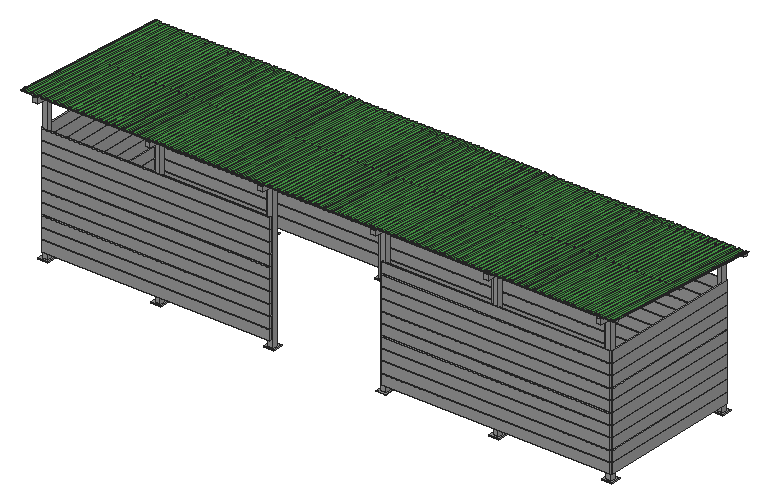
Revit family "Контейнерная площадка «Экология» Арт 19441", category Антураж, Revit 2018
Family settings
  На основе рабочей плоскости = Нет
  Всегда вертикально = Да
  При загрузке вырезать с полостями = Нет
  Источник визуального образа = Геометрия семейства
  Общий = Нет
  Точка расчета площади = Нет
Parameters (values of type "Версия 8,8 м")
  Ширина = 2500 mm
  Цвет отделки = Дерево
  Цвет крыши = Крыша
  Цвет каркаса = Сталь
  Описание = if([Версия 5,6 м], "Контейнерная площадка «Экология». Версия 5,6 м на 3 контейнера", if([Версия 7,3 м], "Контейнерная площадка «Экология». Версия 7,3 м на 4 контейнера", "Контейнерная площадка «Экология». Версия 8,8 м на 5 контейнеров"))  # "Контейнерная площадка «Экология». Версия 8,8 м на 5 контейнеров"
  Материал изделия = "Сталь, дерево, профлист"  # constant formula
  Изображение типоразмера = Контейнерная площадка «Экология» Арт 19441.jpg
  Изготовитель = "ООО «Хоббика»"  # constant formula
  Длина = if([Версия 5,6 м], 5600 mm, if([Версия 7,3 м], 7300 mm, 8800 mm))  # 8800 mm
  Группа модели = "Контейнерные площадки для ТБО"  # constant formula
  Высота = 2268 mm
  Версия 8,8 м = not(or([Версия 5,6 м], [Версия 7,3 м]))  # yes
  Версия 7,3 м = no
  Версия 5,6 м = no
  Артикул товара = "Арт. 19441"  # constant formula
  URL = "https://hobbyka.ru/product/konteynernaya_ploshchadka_ekologiya/"
Reference planes
  plane 1 "По центру (Вперед/Назад)": y = 0
  plane 2: z = 0
  plane 3 "По центру (Влево/Вправо)": x = 0
  plane 4: y = 2500
  plane 5: x = 8800
  plane 6: z = 2268
Dimensions and locks
  "Длина": plane 3 "По центру (Влево/Вправо)" to plane 5
  "Ширина": plane 4 to plane 1 "По центру (Вперед/Назад)"
  "Высота": plane 6 to plane 2
  aligned and locked: level to plane 2
  aligned and locked: plane 1 "По центру (Вперед/Назад)" to nested 1
  aligned and locked: plane 3 "По центру (Влево/Вправо)" to nested 1
  aligned and locked: plane 1 "По центру (Вперед/Назад)" to nested 2
  aligned and locked: plane 3 "По центру (Влево/Вправо)" to nested 2
  aligned and locked: plane 1 "По центру (Вперед/Назад)" to nested 3
  aligned and locked: plane 3 "По центру (Влево/Вправо)" to nested 3
Nested families
  nested 1: "Контейнерная площадка «Экология» Арт 19441 5,6 м" at (0, 0, 0), visible <- "Версия 5,6 м", type "Контейнерная площадка «Экология» Арт 19441 5,6 м"
  nested 2: "Контейнерная площадка «Экология» Арт 19441 7,3 м" at (0, 0, 0), visible <- "Версия 7,3 м", type "Контейнерная площадка «Экология» Арт 19441 7,3 м"
  nested 3: "Контейнерная площадка «Экология» Арт 19441 8,8 м" at (0, 0, 0), visible <- "Версия 8,8 м", type "Контейнерная площадка «Экология» Арт 19441 8,8 м"
Definition of nested family "Контейнерная площадка «Экология» Арт 19441 5,6 м"
  Parameters (values of type "Контейнерная площадка «Экология» Арт 19441 5,6 м")
    Ширина = 2500 mm
    Цвет отделки = none
    Цвет крыши = none
    Цвет каркаса = none
    Длина = 5600 mm
    Height = 2268 mm
  Reference planes
    plane 1 "По центру (Вперед/Назад)": y = 0
    plane 2: z = 0
    plane 3 "По центру (Влево/Вправо)": x = 0
    plane 4: x = 5600
    plane 5: y = 2500
    plane 6: z = 2268
  Forms (mm)
    Extrusion 1, solid, material <- "Цвет каркаса"
      sketch origin (0, 0, 0) x (0, 1, 0) y (0, 0, 1)
        loop
          line (2314.951, 0) -> (2314.951, 2000.952) -> (2500, 1988.012) -> (2500, 2058.183) -> (0, 2233) -> (0, 2162.829) -> (185, 2149.893) -> (185, 0) -> (255, 0) -> (255, 2144.998) -> (2244.951, 2005.847) -> (2244.951, 0) -> (2314.951, 0)
      from 185 to 255
    Extrusion 2, solid, material <- "Цвет каркаса"
      sketch origin (0, 0, 0) x (0, 1, 0) y (0, 0, 1)
        loop
          line (0, 2233) -> (0, 2162.829) -> (185, 2149.893) -> (185, 0) -> (255, 0) -> (255, 2144.998) -> (2244.951, 2005.847) -> (2244.951, 0) -> (2314.951, 0) -> (2314.951, 2000.952) -> (2500, 1988.012) -> (2500, 2058.183) -> (0, 2233)
      from 1892.888 to 1962.888
    Extrusion 3, solid, material <- "Цвет каркаса"
      sketch origin (5600, 0, 0) x (0, 1, 0) y (0, 0, -1)
        loop
          line (2244.951, -2005.847) -> (255, -2144.998) -> (255, 0) -> (185, 0) -> (185, -2149.893) -> (0, -2162.829) -> (0, -2233) -> (2500, -2058.183) -> (2500, -1988.012) -> (2314.951, -2000.952) -> (2314.951, 0) -> (2244.951, 0) -> (2244.951, -2005.847)
      from 185 to 255
    Extrusion 4, solid, material <- "Цвет каркаса"
      sketch origin (5600, 0, 0) x (0, 1, 0) y (0, 0, -1)
        loop
          line (2244.951, -2005.847) -> (255, -2144.998) -> (255, 0) -> (185, 0) -> (185, -2149.893) -> (0, -2162.829) -> (0, -2233) -> (2500, -2058.183) -> (2500, -1988.012) -> (2314.951, -2000.952) -> (2314.951, 0) -> (2244.951, 0) -> (2244.951, -2005.847)
      from 1892.888 to 1962.888
    Extrusion 5, solid, material <- "Цвет крыши"
      sketch origin (0, -158.208, 5.525) x (1, 0, 0) y (0, 0.069756, 0.997564)
        loop
          line (30, 2268) -> (25, 2260) -> (0, 2260) -> (0, 2258) -> (26.108, 2258) -> (31.108, 2266) -> (81.392, 2266) -> (86.392, 2258) -> (141.108, 2258) -> (146.108, 2266) -> (196.392, 2266) -> (201.392, 2258) -> (256.108, 2258) -> (261.108, 2266) -> (311.392, 2266) -> (316.392, 2258) -> (371.108, 2258) -> (376.108, 2266) -> (426.392, 2266) -> (431.392, 2258) -> (486.108, 2258) -> (491.108, 2266) -> (541.392, 2266) -> (546.392, 2258) -> (601.108, 2258) -> (606.108, 2266) -> (656.392, 2266) -> (661.392, 2258) -> (716.108, 2258) -> (721.108, 2266) -> (771.392, 2266) -> (776.392, 2258) -> (831.108, 2258) -> (836.108, 2266) -> (886.392, 2266) -> (891.392, 2258) -> (946.108, 2258) -> (951.108, 2266) -> (1001.392, 2266) -> (1006.392, 2258) -> (1061.108, 2258) -> (1066.108, 2266) -> (1116.392, 2266) -> (1121.392, 2258) -> (1176.108, 2258) -> (1181.108, 2266) -> (1231.392, 2266) -> (1236.392, 2258) -> (1291.108, 2258) -> (1296.108, 2266) -> (1346.392, 2266) -> (1351.392, 2258) -> (1406.108, 2258) -> (1411.108, 2266) -> (1461.392, 2266) -> (1466.392, 2258) -> (1521.108, 2258) -> (1526.108, 2266) -> (1576.392, 2266) -> (1581.392, 2258) -> (1636.108, 2258) -> (1641.108, 2266) -> (1691.392, 2266) -> (1696.392, 2258) -> (1751.108, 2258) -> (1756.108, 2266) -> (1806.392, 2266) -> (1811.392, 2258) -> (1866.108, 2258) -> (1871.108, 2266) -> (1921.392, 2266) -> (1926.392, 2258) -> (1981.108, 2258) -> (1986.108, 2266) -> (2036.392, 2266) -> (2041.392, 2258) -> (2096.108, 2258) -> (2101.108, 2266) -> (2151.392, 2266) -> (2156.392, 2258) -> (2211.108, 2258) -> (2216.108, 2266) -> (2266.392, 2266) -> (2271.392, 2258) -> (2326.108, 2258) -> (2331.108, 2266) -> (2381.392, 2266) -> (2386.392, 2258) -> (2441.108, 2258) -> (2446.108, 2266) -> (2496.392, 2266) -> (2501.392, 2258) -> (2556.108, 2258) -> (2561.108, 2266) -> (2611.392, 2266) -> (2616.392, 2258) -> (2671.108, 2258) -> (2676.108, 2266) -> (2726.392, 2266) -> (2731.392, 2258) -> (2786.108, 2258) -> (2791.108, 2266) -> (2841.392, 2266) -> (2846.392, 2258) -> (2901.108, 2258) -> (2906.108, 2266) -> (2956.392, 2266) -> (2961.392, 2258) -> (3016.108, 2258) -> (3021.108, 2266) -> (3071.392, 2266) -> (3076.392, 2258) -> (3131.108, 2258) -> (3136.108, 2266) -> (3186.392, 2266) -> (3191.392, 2258) -> (3246.108, 2258) -> (3251.108, 2266) -> (3301.392, 2266) -> (3306.392, 2258) -> (3361.108, 2258) -> (3366.108, 2266) -> (3416.392, 2266) -> (3421.392, 2258) -> (3476.108, 2258) -> (3481.108, 2266) -> (3531.392, 2266) -> (3536.392, 2258) -> (3591.108, 2258) -> (3596.108, 2266) -> (3646.392, 2266) -> (3651.392, 2258) -> (3706.108, 2258) -> (3711.108, 2266) -> (3761.392, 2266) -> (3766.392, 2258) -> (3821.108, 2258) -> (3826.108, 2266) -> (3876.392, 2266) -> (3881.392, 2258) -> (3936.108, 2258) -> (3941.108, 2266) -> (3991.392, 2266) -> (3996.392, 2258) -> (4051.108, 2258) -> (4056.108, 2266) -> (4106.392, 2266) -> (4111.392, 2258) -> (4166.108, 2258) -> (4171.108, 2266) -> (4221.392, 2266) -> (4226.392, 2258) -> (4281.108, 2258) -> (4286.108, 2266) -> (4336.392, 2266) -> (4341.392, 2258) -> (4396.108, 2258) -> (4401.108, 2266) -> (4451.392, 2266) -> (4456.392, 2258) -> (4511.108, 2258) -> (4516.108, 2266) -> (4566.392, 2266) -> (4571.392, 2258) -> (4626.108, 2258) -> (4631.108, 2266) -> (4681.392, 2266) -> (4686.392, 2258) -> (4741.108, 2258) -> (4746.108, 2266) -> (4796.392, 2266) -> (4801.392, 2258) -> (4856.108, 2258) -> (4861.108, 2266) -> (4911.392, 2266) -> (4916.392, 2258) -> (4971.108, 2258) -> (4976.108, 2266) -> (5026.392, 2266) -> (5031.392, 2258) -> (5086.108, 2258) -> (5091.108, 2266) -> (5141.392, 2266) -> (5146.392, 2258) -> (5201.108, 2258) -> (5206.108, 2266) -> (5256.392, 2266) -> (5261.392, 2258) -> (5316.108, 2258) -> (5321.108, 2266) -> (5371.392, 2266) -> (5376.392, 2258) -> (5431.108, 2258) -> (5436.108, 2266) -> (5486.392, 2266) -> (5491.392, 2258) -> (5546.108, 2258) -> (5551.108, 2266) -> (5600, 2266) -> (5600, 2268) -> (5550, 2268) -> (5545, 2260) -> (5492.5, 2260) -> (5487.5, 2268) -> (5435, 2268) -> (5430, 2260) -> (5377.5, 2260) -> (5372.5, 2268) -> (5320, 2268) -> (5315, 2260) -> (5262.5, 2260) -> (5257.5, 2268) -> (5205, 2268) -> (5200, 2260) -> (5147.5, 2260) -> (5142.5, 2268) -> (5090, 2268) -> (5085, 2260) -> (5032.5, 2260) -> (5027.5, 2268) -> (4975, 2268) -> (4970, 2260) -> (4917.5, 2260) -> (4912.5, 2268) -> (4860, 2268) -> (4855, 2260) -> (4802.5, 2260) -> (4797.5, 2268) -> (4745, 2268) -> (4740, 2260) -> (4687.5, 2260) -> (4682.5, 2268) -> (4630, 2268) -> (4625, 2260) -> (4572.5, 2260) -> (4567.5, 2268) -> (4515, 2268) -> (4510, 2260) -> (4457.5, 2260) -> (4452.5, 2268) -> (4400, 2268) -> (4395, 2260) -> (4342.5, 2260) -> (4337.5, 2268) -> (4285, 2268) -> (4280, 2260) -> (4227.5, 2260) -> (4222.5, 2268) -> (4170, 2268) -> (4165, 2260) -> (4112.5, 2260) -> (4107.5, 2268) -> (4055, 2268) -> (4050, 2260) -> (3997.5, 2260) -> (3992.5, 2268) -> (3940, 2268) -> (3935, 2260) -> (3882.5, 2260) -> (3877.5, 2268) -> (3825, 2268) -> (3820, 2260) -> (3767.5, 2260) -> (3762.5, 2268) -> (3710, 2268) -> (3705, 2260) -> (3652.5, 2260) -> (3647.5, 2268) -> (3595, 2268) -> (3590, 2260) -> (3537.5, 2260) -> (3532.5, 2268) -> (3480, 2268) -> (3475, 2260) -> (3422.5, 2260) -> (3417.5, 2268) -> (3365, 2268) -> (3360, 2260) -> (3307.5, 2260) -> (3302.5, 2268) -> (3250, 2268) -> (3245, 2260) -> (3192.5, 2260) -> (3187.5, 2268) -> (3135, 2268) -> (3130, 2260) -> (3077.5, 2260) -> (3072.5, 2268) -> (3020, 2268) -> (3015, 2260) -> (2962.5, 2260) -> (2957.5, 2268) -> (2905, 2268) -> (2900, 2260) -> (2847.5, 2260) -> (2842.5, 2268) -> (2790, 2268) -> (2785, 2260) -> (2732.5, 2260) -> (2727.5, 2268) -> (2675, 2268) -> (2670, 2260) -> (2617.5, 2260) -> (2612.5, 2268) -> (2560, 2268) -> (2555, 2260) -> (2502.5, 2260) -> (2497.5, 2268) -> (2445, 2268) -> (2440, 2260) -> (2387.5, 2260) -> (2382.5, 2268) -> (2330, 2268) -> (2325, 2260) -> (2272.5, 2260) -> (2267.5, 2268) -> (2215, 2268) -> (2210, 2260) -> (2157.5, 2260) -> (2152.5, 2268) -> (2100, 2268) -> (2095, 2260) -> (2042.5, 2260) -> (2037.5, 2268) -> (1985, 2268) -> (1980, 2260) -> (1927.5, 2260) -> (1922.5, 2268) -> (1870, 2268) -> (1865, 2260) -> (1812.5, 2260) -> (1807.5, 2268) -> (1755, 2268) -> (1750, 2260) -> (1697.5, 2260) -> (1692.5, 2268) -> (1640, 2268) -> (1635, 2260) -> (1582.5, 2260) -> (1577.5, 2268) -> (1525, 2268) -> (1520, 2260) -> (1467.5, 2260) -> (1462.5, 2268) -> (1410, 2268) -> (1405, 2260) -> (1352.5, 2260) -> (1347.5, 2268) -> (1295, 2268) -> (1290, 2260) -> (1237.5, 2260) -> (1232.5, 2268) -> (1180, 2268) -> (1175, 2260) -> (1122.5, 2260) -> (1117.5, 2268) -> (1065, 2268) -> (1060, 2260) -> (1007.5, 2260) -> (1002.5, 2268) -> (950, 2268) -> (945, 2260) -> (892.5, 2260) -> (887.5, 2268) -> (835, 2268) -> (830, 2260) -> (777.5, 2260) -> (772.5, 2268) -> (720, 2268) -> (715, 2260) -> (662.5, 2260) -> (657.5, 2268) -> (605, 2268) -> (600, 2260) -> (547.5, 2260) -> (542.5, 2268) -> (490, 2268) -> (485, 2260) -> (432.5, 2260) -> (427.5, 2268) -> (375, 2268) -> (370, 2260) -> (317.5, 2260) -> (312.5, 2268) -> (260, 2268) -> (255, 2260) -> (202.5, 2260) -> (197.5, 2268) -> (145, 2268) -> (140, 2260) -> (87.5, 2260) -> (82.5, 2268) -> (30, 2268)
      from 0 to -2506.188
    Extrusion 6, solid, material <- "Цвет каркаса"
      sketch origin (0, 0, 0) x (0, 1, 0) y (0, 0, 1)
        loop
          line (2465.085, 2060.624) -> (2466.823, 2085.478) -> (2416.945, 2088.966) -> (2415.207, 2064.112) -> (2465.085, 2060.624)
        loop
          line (84.793, 2227.071) -> (86.531, 2251.925) -> (36.653, 2255.413) -> (34.915, 2230.559) -> (84.793, 2227.071)
        loop
          line (1274.939, 2143.848) -> (1276.677, 2168.702) -> (1226.799, 2172.189) -> (1225.061, 2147.335) -> (1274.939, 2143.848)
      from 0 to 5600
    Extrusion 7, solid, material <- "Цвет каркаса"
      sketch origin (0, 0, 0) x (1, 0, 0) y (0, 1, 0)
        loop
          line (145, 2354.951) -> (145, 2204.951) -> (295, 2204.951) -> (295, 2354.951) -> (145, 2354.951)
        loop
          line (1852.888, 2354.951) -> (1852.888, 2204.951) -> (2002.888, 2204.951) -> (2002.888, 2354.951) -> (1852.888, 2354.951)
        loop
          line (3597.112, 2354.951) -> (3597.112, 2204.951) -> (3747.112, 2204.951) -> (3747.112, 2354.951) -> (3597.112, 2354.951)
        loop
          line (5305, 2354.951) -> (5305, 2204.951) -> (5455, 2204.951) -> (5455, 2354.951) -> (5305, 2354.951)
        loop
          line (145, 295) -> (145, 145) -> (295, 145) -> (295, 295) -> (145, 295)
        loop
          line (1852.888, 295) -> (1852.888, 145) -> (2002.888, 145) -> (2002.888, 295) -> (1852.888, 295)
        loop
          line (3597.112, 295) -> (3597.112, 145) -> (3747.112, 145) -> (3747.112, 295) -> (3597.112, 295)
        loop
          line (5305, 295) -> (5305, 145) -> (5455, 145) -> (5455, 295) -> (5305, 295)
      from 0 to 10
    Extrusion 8, solid, material <- "Цвет отделки"
      sketch origin (0, 0, 0) x (0, 1, 0) y (0, 0, 1)
        loop
          line (2314.951, 1735) -> (185, 1735) -> (185, 1585) -> (2314.951, 1585) -> (2314.951, 1735)
        loop
          line (2314.951, 1570) -> (185, 1570) -> (185, 1420) -> (2314.951, 1420) -> (2314.951, 1570)
        loop
          line (2314.951, 1405) -> (185, 1405) -> (185, 1255) -> (2314.951, 1255) -> (2314.951, 1405)
        loop
          line (2314.951, 1240) -> (185, 1240) -> (185, 1090) -> (2314.951, 1090) -> (2314.951, 1240)
        loop
          line (2314.951, 1075) -> (185, 1075) -> (185, 925) -> (2314.951, 925) -> (2314.951, 1075)
        loop
          line (2314.951, 910) -> (185, 910) -> (185, 760) -> (2314.951, 760) -> (2314.951, 910)
        loop
          line (2314.951, 745) -> (185, 745) -> (185, 595) -> (2314.951, 595) -> (2314.951, 745)
        loop
          line (2314.951, 580) -> (185, 580) -> (185, 430) -> (2314.951, 430) -> (2314.951, 580)
        loop
          line (2314.951, 415) -> (185, 415) -> (185, 265) -> (2314.951, 265) -> (2314.951, 415)
        loop
          line (2314.951, 250) -> (185, 250) -> (185, 100) -> (2314.951, 100) -> (2314.951, 250)
      from 165 to 185
    Extrusion 9, solid, material <- "Цвет отделки"
      sketch origin (0, 0, 0) x (0, 1, 0) y (0, 0, 1)
        loop
          line (2314.951, 1735) -> (185, 1735) -> (185, 1585) -> (2314.951, 1585) -> (2314.951, 1735)
        loop
          line (2314.951, 1570) -> (185, 1570) -> (185, 1420) -> (2314.951, 1420) -> (2314.951, 1570)
        loop
          line (2314.951, 1405) -> (185, 1405) -> (185, 1255) -> (2314.951, 1255) -> (2314.951, 1405)
        loop
          line (2314.951, 1240) -> (185, 1240) -> (185, 1090) -> (2314.951, 1090) -> (2314.951, 1240)
        loop
          line (2314.951, 1075) -> (185, 1075) -> (185, 925) -> (2314.951, 925) -> (2314.951, 1075)
        loop
          line (2314.951, 910) -> (185, 910) -> (185, 760) -> (2314.951, 760) -> (2314.951, 910)
        loop
          line (2314.951, 745) -> (185, 745) -> (185, 595) -> (2314.951, 595) -> (2314.951, 745)
        loop
          line (2314.951, 580) -> (185, 580) -> (185, 430) -> (2314.951, 430) -> (2314.951, 580)
        loop
          line (2314.951, 415) -> (185, 415) -> (185, 265) -> (2314.951, 265) -> (2314.951, 415)
        loop
          line (2314.951, 250) -> (185, 250) -> (185, 100) -> (2314.951, 100) -> (2314.951, 250)
      from 5415 to 5435
    Extrusion 10, solid, material <- "Цвет отделки"
      sketch origin (0, 0, 0) x (1, 0, 0) y (0, 0, 1)
        loop
          line (3672.112, 1735) -> (3672.112, 1585) -> (5415, 1585) -> (5415, 1735) -> (3672.112, 1735)
        loop
          line (3672.112, 1570) -> (3672.112, 1420) -> (5415, 1420) -> (5415, 1570) -> (3672.112, 1570)
        loop
          line (3672.112, 1405) -> (3672.112, 1255) -> (5415, 1255) -> (5415, 1405) -> (3672.112, 1405)
        loop
          line (3672.112, 1240) -> (3672.112, 1090) -> (5415, 1090) -> (5415, 1240) -> (3672.112, 1240)
        loop
          line (3672.112, 1075) -> (3672.112, 925) -> (5415, 925) -> (5415, 1075) -> (3672.112, 1075)
        loop
          line (3672.112, 910) -> (3672.112, 760) -> (5415, 760) -> (5415, 910) -> (3672.112, 910)
        loop
          line (3672.112, 745) -> (3672.112, 595) -> (5415, 595) -> (5415, 745) -> (3672.112, 745)
        loop
          line (3672.112, 580) -> (3672.112, 430) -> (5415, 430) -> (5415, 580) -> (3672.112, 580)
        loop
          line (3672.112, 415) -> (3672.112, 265) -> (5415, 265) -> (5415, 415) -> (3672.112, 415)
        loop
          line (3672.112, 250) -> (3672.112, 100) -> (5415, 100) -> (5415, 250) -> (3672.112, 250)
        loop
          line (185, 1735) -> (185, 1585) -> (1927.888, 1585) -> (1927.888, 1735) -> (185, 1735)
        loop
          line (185, 1570) -> (185, 1420) -> (1927.888, 1420) -> (1927.888, 1570) -> (185, 1570)
        loop
          line (185, 1405) -> (185, 1255) -> (1927.888, 1255) -> (1927.888, 1405) -> (185, 1405)
        loop
          line (185, 1240) -> (185, 1090) -> (1927.888, 1090) -> (1927.888, 1240) -> (185, 1240)
        loop
          line (185, 1075) -> (185, 925) -> (1927.888, 925) -> (1927.888, 1075) -> (185, 1075)
        loop
          line (185, 910) -> (185, 760) -> (1927.888, 760) -> (1927.888, 910) -> (185, 910)
        loop
          line (185, 745) -> (185, 595) -> (1927.888, 595) -> (1927.888, 745) -> (185, 745)
        loop
          line (185, 580) -> (185, 430) -> (1927.888, 430) -> (1927.888, 580) -> (185, 580)
        loop
          line (185, 415) -> (185, 265) -> (1927.888, 265) -> (1927.888, 415) -> (185, 415)
        loop
          line (185, 250) -> (185, 100) -> (1927.888, 100) -> (1927.888, 250) -> (185, 250)
      from -185 to -165
    Extrusion 11, solid, material <- "Цвет отделки"
      sketch origin (0, 0, 0) x (1, 0, 0) y (0, 0, 1)
        loop
          line (185, 1735) -> (185, 1585) -> (5415, 1585) -> (5415, 1735) -> (185, 1735)
        loop
          line (185, 1570) -> (185, 1420) -> (5415, 1420) -> (5415, 1570) -> (185, 1570)
        loop
          line (185, 1405) -> (185, 1255) -> (5415, 1255) -> (5415, 1405) -> (185, 1405)
        loop
          line (185, 1240) -> (185, 1090) -> (5415, 1090) -> (5415, 1240) -> (185, 1240)
        loop
          line (185, 1075) -> (185, 925) -> (5415, 925) -> (5415, 1075) -> (185, 1075)
        loop
          line (185, 910) -> (185, 760) -> (5415, 760) -> (5415, 910) -> (185, 910)
        loop
          line (185, 745) -> (185, 595) -> (5415, 595) -> (5415, 745) -> (185, 745)
        loop
          line (185, 580) -> (185, 430) -> (5415, 430) -> (5415, 580) -> (185, 580)
        loop
          line (185, 415) -> (185, 265) -> (5415, 265) -> (5415, 415) -> (185, 415)
        loop
          line (185, 250) -> (185, 100) -> (5415, 100) -> (5415, 250) -> (185, 250)
      from -2314.951 to -2335
  Dimensions and locks
    "Ширина": plane 5 to plane 1 "По центру (Вперед/Назад)"
    "Height": plane 6 to plane 2
    aligned and locked: level to plane 2
  Automatic sketch dimensions
    Extrusion 1 sketch curve to plane 1 "По центру (Вперед/Назад)" = 0 mm
    Extrusion 1 sketch curve to level = 0 mm
    level to Extrusion 1 sketch curve = 0 mm
    Extrusion 1 sketch curve to plane 5 = 0 mm
    Extrusion 1 sketch curve to plane 1 "По центру (Вперед/Назад)" = 185 mm
    Extrusion 1 sketch curve to plane 6 = 123.002 mm
    Extrusion 1 sketch curve to Extrusion 1 sketch curve = 70 mm  (x2)
    Extrusion 1 sketch curve to plane 5 = 255.049 mm
    Extrusion 1 sketch curve to plane 6 = 279.988 mm
    Extrusion 1 sketch curve to Extrusion 1 sketch curve = 12.94 mm
    Extrusion 1 sketch curve to Extrusion 1 sketch curve = 4.895 mm  (x2)
    Extrusion 1 sketch curve to Extrusion 1 sketch curve = 70.171 mm
    Extrusion 1 sketch curve to plane 6 = 105.171 mm
    Extrusion 1 sketch curve to plane 6 = 35 mm
    Extrusion 2 sketch curve to plane 1 "По центру (Вперед/Назад)" = 0 mm
    Extrusion 2 sketch curve to level = 0 mm
    level to Extrusion 2 sketch curve = 0 mm
    Extrusion 2 sketch curve to plane 5 = 0 mm
    Extrusion 2 sketch curve to plane 1 "По центру (Вперед/Назад)" = 185 mm
    Extrusion 2 sketch curve to Extrusion 2 sketch curve = 70 mm  (x2)
    Extrusion 2 sketch curve to plane 5 = 255.049 mm
    Extrusion 2 sketch curve to plane 6 = 279.988 mm
    Extrusion 2 sketch curve to Extrusion 2 sketch curve = 12.94 mm
    Extrusion 2 sketch curve to Extrusion 2 sketch curve = 4.895 mm  (x2)
    Extrusion 2 sketch curve to Extrusion 2 sketch curve = 70.171 mm
    Extrusion 2 sketch curve to plane 6 = 123.002 mm
    Extrusion 2 sketch curve to plane 6 = 105.171 mm
    Extrusion 2 sketch curve to plane 6 = 35 mm
    Extrusion 3 sketch curve to plane 1 "По центру (Вперед/Назад)" = 0 mm
    Extrusion 3 sketch curve to level = 0 mm  (x2)
    Extrusion 3 sketch curve to plane 5 = 0 mm
    Extrusion 3 sketch curve to plane 1 "По центру (Вперед/Назад)" = 185 mm
    Extrusion 3 sketch curve to Extrusion 3 sketch curve = 70 mm  (x2)
    Extrusion 3 sketch curve to plane 5 = 255.049 mm
    Extrusion 3 sketch curve to plane 6 = 279.988 mm
    Extrusion 3 sketch curve to Extrusion 3 sketch curve = 12.94 mm
    Extrusion 3 sketch curve to Extrusion 3 sketch curve = 4.895 mm  (x2)
    Extrusion 3 sketch curve to Extrusion 3 sketch curve = 70.171 mm
    Extrusion 3 sketch curve to plane 6 = 123.002 mm
    Extrusion 3 sketch curve to plane 6 = 105.171 mm
    Extrusion 3 sketch curve to plane 6 = 35 mm
    Extrusion 4 sketch curve to plane 1 "По центру (Вперед/Назад)" = 0 mm
    Extrusion 4 sketch curve to level = 0 mm  (x2)
    Extrusion 4 sketch curve to plane 5 = 0 mm
    Extrusion 4 sketch curve to plane 1 "По центру (Вперед/Назад)" = 185 mm
    Extrusion 4 sketch curve to Extrusion 4 sketch curve = 70 mm  (x2)
    Extrusion 4 sketch curve to plane 5 = 255.049 mm
    Extrusion 4 sketch curve to plane 6 = 279.988 mm
    Extrusion 4 sketch curve to Extrusion 4 sketch curve = 12.94 mm
    Extrusion 4 sketch curve to Extrusion 4 sketch curve = 4.895 mm  (x2)
    Extrusion 4 sketch curve to Extrusion 4 sketch curve = 70.171 mm
    Extrusion 4 sketch curve to plane 6 = 123.002 mm
    Extrusion 4 sketch curve to plane 6 = 105.171 mm
    Extrusion 4 sketch curve to plane 6 = 35 mm
    Extrusion 5 sketch curve to plane 3 "По центру (Влево/Вправо)" = 0 mm
    Extrusion 5 sketch curve to plane 4 = 0 mm
    plane 3 "По центру (Влево/Вправо)" to Extrusion 5 sketch curve = 25 mm
    Extrusion 5 sketch curve to Extrusion 5 sketch curve = 1.108 mm  (x194)
    Extrusion 5 sketch curve to Extrusion 5 sketch curve = 5 mm  (x97)
    Extrusion 5 sketch curve to Extrusion 5 sketch curve = 50.283 mm  (x48)
    Extrusion 5 sketch curve to Extrusion 5 sketch curve = 52.5 mm  (x48)
    Extrusion 5 sketch curve to Extrusion 5 sketch curve = 0 mm  (x48)
    Extrusion 5 sketch curve to Extrusion 5 sketch curve = 2 mm  (x98)
    Extrusion 5 sketch curve to Extrusion 5 sketch curve = 6 mm  (x49)
    Extrusion 6 sketch curve to plane 1 "По центру (Вперед/Назад)" = 34.915 mm
    Extrusion 6 sketch curve to plane 6 = 12.587 mm
    Extrusion 6 sketch curve to Extrusion 6 sketch curve = 1.738 mm  (x3)
    Extrusion 6 sketch curve to Extrusion 6 sketch curve = 49.878 mm
    Extrusion 6 sketch curve to plane 6 = 120.665 mm
    Extrusion 6 sketch curve to Extrusion 6 sketch curve = 1140.268 mm
    Extrusion 6 sketch curve to plane 6 = 95.811 mm
    Extrusion 6 sketch curve to plane 6 = 124.152 mm
    Extrusion 6 sketch curve to plane 5 = 84.793 mm
    Extrusion 6 sketch curve to plane 5 = 34.915 mm
    Extrusion 6 sketch curve to plane 6 = 179.034 mm
    Extrusion 6 sketch curve to Extrusion 6 sketch curve = 3.488 mm
    Extrusion 6 sketch curve to plane 6 = 40.929 mm
    plane 3 "По центру (Влево/Вправо)" to Extrusion 7 sketch curve = 145 mm  (x2)
    Extrusion 7 sketch curve to Extrusion 7 sketch curve = 150 mm  (x9)
    Extrusion 7 sketch curve to plane 1 "По центру (Вперед/Назад)" = 145 mm  (x4)
    Extrusion 7 sketch curve to Extrusion 7 sketch curve = 1557.888 mm  (x2)
    Extrusion 7 sketch curve to plane 5 = 295.049 mm  (x4)
    Extrusion 7 sketch curve to plane 1 "По центру (Вперед/Назад)" = 295 mm
    Extrusion 7 sketch curve to Extrusion 7 sketch curve = 1594.223 mm  (x2)
    Extrusion 7 sketch curve to plane 4 = 295 mm  (x2)
    Extrusion 7 sketch curve to plane 4 = 145 mm  (x2)
    Extrusion 7 sketch curve to plane 5 = 145.049 mm  (x4)
    Extrusion 8 sketch curve to plane 1 "По центру (Вперед/Назад)" = 185 mm  (x2)
    Extrusion 8 sketch curve to Extrusion 8 sketch curve = 0 mm  (x17)
    Extrusion 8 sketch curve to plane 5 = 185.049 mm
    level to Extrusion 8 sketch curve = 100 mm
    Extrusion 8 sketch curve to Extrusion 8 sketch curve = 150 mm  (x10)
    Extrusion 8 sketch curve to Extrusion 8 sketch curve = 15 mm  (x9)
    Extrusion 9 sketch curve to plane 1 "По центру (Вперед/Назад)" = 185 mm  (x2)
    Extrusion 9 sketch curve to Extrusion 9 sketch curve = 0 mm  (x12)
    Extrusion 9 sketch curve to plane 5 = 185.049 mm  (x6)
    level to Extrusion 9 sketch curve = 100 mm
    Extrusion 9 sketch curve to Extrusion 9 sketch curve = 150 mm  (x10)
    Extrusion 9 sketch curve to Extrusion 9 sketch curve = 15 mm  (x9)
    plane 3 "По центру (Влево/Вправо)" to Extrusion 11 sketch curve = 185 mm  (x2)
    Extrusion 11 sketch curve to Extrusion 11 sketch curve = 0 mm  (x17)
    Extrusion 11 sketch curve to plane 4 = 185 mm
    level to Extrusion 11 sketch curve = 100 mm
    Extrusion 11 sketch curve to Extrusion 11 sketch curve = 150 mm  (x10)
    Extrusion 11 sketch curve to Extrusion 11 sketch curve = 15 mm  (x9)
    plane 3 "По центру (Влево/Вправо)" to Extrusion 10 sketch curve = 185 mm  (x2)
    Extrusion 10 sketch curve to Extrusion 10 sketch curve = 0 mm  (x35)
    Extrusion 10 sketch curve to Extrusion 10 sketch curve = 1742.888 mm
    Extrusion 10 sketch curve to plane 6 = 533 mm
    Extrusion 10 sketch curve to Extrusion 10 sketch curve = 1744.223 mm
    level to Extrusion 10 sketch curve = 100 mm  (x2)
    Extrusion 10 sketch curve to plane 4 = 185 mm
    Extrusion 10 sketch curve to Extrusion 10 sketch curve = 150 mm  (x19)
    Extrusion 10 sketch curve to Extrusion 10 sketch curve = 15 mm  (x18)
Definition of nested family "Контейнерная площадка «Экология» Арт 19441 7,3 м"
  Parameters (values of type "Контейнерная площадка «Экология» Арт 19441 7,3 м")
    Ширина = 2500 mm
    Цвет отделки = none
    Цвет крыши = none
    Цвет каркаса = none
    Длина = 7300 mm
    Height = 2268 mm
  Reference planes
    plane 1 "По центру (Вперед/Назад)": y = 0
    plane 2: z = 0
    plane 3 "По центру (Влево/Вправо)": x = 0
    plane 4: x = 7300
    plane 5: y = 2500
    plane 6: z = 2268
  Forms (mm)
    Extrusion 1, solid, material <- "Цвет каркаса"
      sketch origin (0, 0, 0) x (0, 1, 0) y (0, 0, 1)
        loop
          line (2314.951, 0) -> (2314.951, 2000.952) -> (2500, 1988.012) -> (2500, 2058.183) -> (0, 2233) -> (0, 2162.829) -> (185, 2149.893) -> (185, 0) -> (255, 0) -> (255, 2144.998) -> (2244.951, 2005.847) -> (2244.951, 0) -> (2314.951, 0)
      from 185 to 255
    Extrusion 2, solid, material <- "Цвет каркаса"
      sketch origin (0, 0, 0) x (0, 1, 0) y (0, 0, 1)
        loop
          line (0, 2233) -> (0, 2162.829) -> (185, 2149.893) -> (185, 0) -> (255, 0) -> (255, 2144.998) -> (2244.951, 2005.847) -> (2244.951, 0) -> (2314.951, 0) -> (2314.951, 2000.952) -> (2500, 1988.012) -> (2500, 2058.183) -> (0, 2233)
      from 2020 to 2090
    Extrusion 3, solid, material <- "Цвет каркаса"
      sketch origin (5600, 0, 0) x (0, 1, 0) y (0, 0, -1)
        loop
          line (2244.951, -2005.847) -> (255, -2144.998) -> (255, 0) -> (185, 0) -> (185, -2149.893) -> (0, -2162.829) -> (0, -2233) -> (2500, -2058.183) -> (2500, -1988.012) -> (2314.951, -2000.952) -> (2314.951, 0) -> (2244.951, 0) -> (2244.951, -2005.847)
      from 160 to 230
    Extrusion 4, solid, material <- "Цвет каркаса"
      sketch origin (5600, 0, 0) x (0, 1, 0) y (0, 0, -1)
        loop
          line (2244.951, -2005.847) -> (255, -2144.998) -> (255, 0) -> (185, 0) -> (185, -2149.893) -> (0, -2162.829) -> (0, -2233) -> (2500, -2058.183) -> (2500, -1988.012) -> (2314.951, -2000.952) -> (2314.951, 0) -> (2244.951, 0) -> (2244.951, -2005.847)
      from 1835 to 1905
    Extrusion 5, solid, material <- "Цвет крыши"
      sketch origin (0, -158.208, 5.525) x (1, 0, 0) y (0, 0.069756, 0.997564)
        loop
          line (30, 2268) -> (25, 2260) -> (0, 2260) -> (0, 2258) -> (26.108, 2258) -> (31.108, 2266) -> (81.392, 2266) -> (86.392, 2258) -> (141.108, 2258) -> (146.108, 2266) -> (196.392, 2266) -> (201.392, 2258) -> (256.108, 2258) -> (261.108, 2266) -> (311.392, 2266) -> (316.392, 2258) -> (371.108, 2258) -> (376.108, 2266) -> (426.392, 2266) -> (431.392, 2258) -> (486.108, 2258) -> (491.108, 2266) -> (541.392, 2266) -> (546.392, 2258) -> (601.108, 2258) -> (606.108, 2266) -> (656.392, 2266) -> (661.392, 2258) -> (716.108, 2258) -> (721.108, 2266) -> (771.392, 2266) -> (776.392, 2258) -> (831.108, 2258) -> (836.108, 2266) -> (886.392, 2266) -> (891.392, 2258) -> (946.108, 2258) -> (951.108, 2266) -> (1001.392, 2266) -> (1006.392, 2258) -> (1061.108, 2258) -> (1066.108, 2266) -> (1116.392, 2266) -> (1121.392, 2258) -> (1176.108, 2258) -> (1181.108, 2266) -> (1231.392, 2266) -> (1236.392, 2258) -> (1291.108, 2258) -> (1296.108, 2266) -> (1346.392, 2266) -> (1351.392, 2258) -> (1406.108, 2258) -> (1411.108, 2266) -> (1461.392, 2266) -> (1466.392, 2258) -> (1521.108, 2258) -> (1526.108, 2266) -> (1576.392, 2266) -> (1581.392, 2258) -> (1636.108, 2258) -> (1641.108, 2266) -> (1691.392, 2266) -> (1696.392, 2258) -> (1751.108, 2258) -> (1756.108, 2266) -> (1806.392, 2266) -> (1811.392, 2258) -> (1866.108, 2258) -> (1871.108, 2266) -> (1921.392, 2266) -> (1926.392, 2258) -> (1981.108, 2258) -> (1986.108, 2266) -> (2036.392, 2266) -> (2041.392, 2258) -> (2096.108, 2258) -> (2101.108, 2266) -> (2151.392, 2266) -> (2156.392, 2258) -> (2211.108, 2258) -> (2216.108, 2266) -> (2266.392, 2266) -> (2271.392, 2258) -> (2326.108, 2258) -> (2331.108, 2266) -> (2381.392, 2266) -> (2386.392, 2258) -> (2441.108, 2258) -> (2446.108, 2266) -> (2496.392, 2266) -> (2501.392, 2258) -> (2556.108, 2258) -> (2561.108, 2266) -> (2611.392, 2266) -> (2616.392, 2258) -> (2671.108, 2258) -> (2676.108, 2266) -> (2726.392, 2266) -> (2731.392, 2258) -> (2786.108, 2258) -> (2791.108, 2266) -> (2841.392, 2266) -> (2846.392, 2258) -> (2901.108, 2258) -> (2906.108, 2266) -> (2956.392, 2266) -> (2961.392, 2258) -> (3016.108, 2258) -> (3021.108, 2266) -> (3071.392, 2266) -> (3076.392, 2258) -> (3131.108, 2258) -> (3136.108, 2266) -> (3186.392, 2266) -> (3191.392, 2258) -> (3246.108, 2258) -> (3251.108, 2266) -> (3301.392, 2266) -> (3306.392, 2258) -> (3361.108, 2258) -> (3366.108, 2266) -> (3416.392, 2266) -> (3421.392, 2258) -> (3476.108, 2258) -> (3481.108, 2266) -> (3531.392, 2266) -> (3536.392, 2258) -> (3591.108, 2258) -> (3596.108, 2266) -> (3646.392, 2266) -> (3651.392, 2258) -> (3706.108, 2258) -> (3711.108, 2266) -> (3761.392, 2266) -> (3766.392, 2258) -> (3821.108, 2258) -> (3826.108, 2266) -> (3876.392, 2266) -> (3881.392, 2258) -> (3936.108, 2258) -> (3941.108, 2266) -> (3991.392, 2266) -> (3996.392, 2258) -> (4051.108, 2258) -> (4056.108, 2266) -> (4106.392, 2266) -> (4111.392, 2258) -> (4166.108, 2258) -> (4171.108, 2266) -> (4221.392, 2266) -> (4226.392, 2258) -> (4281.108, 2258) -> (4286.108, 2266) -> (4336.392, 2266) -> (4341.392, 2258) -> (4396.108, 2258) -> (4401.108, 2266) -> (4451.392, 2266) -> (4456.392, 2258) -> (4511.108, 2258) -> (4516.108, 2266) -> (4566.392, 2266) -> (4571.392, 2258) -> (4626.108, 2258) -> (4631.108, 2266) -> (4681.392, 2266) -> (4686.392, 2258) -> (4741.108, 2258) -> (4746.108, 2266) -> (4796.392, 2266) -> (4801.392, 2258) -> (4856.108, 2258) -> (4861.108, 2266) -> (4911.392, 2266) -> (4916.392, 2258) -> (4971.108, 2258) -> (4976.108, 2266) -> (5026.392, 2266) -> (5031.392, 2258) -> (5086.108, 2258) -> (5091.108, 2266) -> (5141.392, 2266) -> (5146.392, 2258) -> (5201.108, 2258) -> (5206.108, 2266) -> (5256.392, 2266) -> (5261.392, 2258) -> (5316.108, 2258) -> (5321.108, 2266) -> (5371.392, 2266) -> (5376.392, 2258) -> (5431.108, 2258) -> (5436.108, 2266) -> (5486.392, 2266) -> (5491.392, 2258) -> (5546.108, 2258) -> (5551.108, 2266) -> (5601.392, 2266) -> (5606.392, 2258) -> (5661.108, 2258) -> (5666.108, 2266) -> (5716.392, 2266) -> (5721.392, 2258) -> (5776.108, 2258) -> (5781.108, 2266) -> (5831.392, 2266) -> (5836.392, 2258) -> (5891.108, 2258) -> (5896.108, 2266) -> (5946.392, 2266) -> (5951.392, 2258) -> (6006.108, 2258) -> (6011.108, 2266) -> (6061.392, 2266) -> (6066.392, 2258) -> (6121.108, 2258) -> (6126.108, 2266) -> (6176.392, 2266) -> (6181.392, 2258) -> (6236.108, 2258) -> (6241.108, 2266) -> (6291.392, 2266) -> (6296.392, 2258) -> (6351.108, 2258) -> (6356.108, 2266) -> (6406.392, 2266) -> (6411.392, 2258) -> (6466.108, 2258) -> (6471.108, 2266) -> (6521.392, 2266) -> (6526.392, 2258) -> (6581.108, 2258) -> (6586.108, 2266) -> (6636.392, 2266) -> (6641.392, 2258) -> (6696.108, 2258) -> (6701.108, 2266) -> (6751.392, 2266) -> (6756.392, 2258) -> (6811.108, 2258) -> (6816.108, 2266) -> (6866.392, 2266) -> (6871.392, 2258) -> (6926.108, 2258) -> (6931.108, 2266) -> (6981.392, 2266) -> (6986.392, 2258) -> (7041.108, 2258) -> (7046.108, 2266) -> (7096.392, 2266) -> (7101.392, 2258) -> (7156.108, 2258) -> (7161.108, 2266) -> (7211.392, 2266) -> (7216.392, 2258) -> (7271.108, 2258) -> (7276.108, 2266) -> (7300, 2266) -> (7300, 2268) -> (7275, 2268) -> (7270, 2260) -> (7217.5, 2260) -> (7212.5, 2268) -> (7160, 2268) -> (7155, 2260) -> (7102.5, 2260) -> (7097.5, 2268) -> (7045, 2268) -> (7040, 2260) -> (6987.5, 2260) -> (6982.5, 2268) -> (6930, 2268) -> (6925, 2260) -> (6872.5, 2260) -> (6867.5, 2268) -> (6815, 2268) -> (6810, 2260) -> (6757.5, 2260) -> (6752.5, 2268) -> (6700, 2268) -> (6695, 2260) -> (6642.5, 2260) -> (6637.5, 2268) -> (6585, 2268) -> (6580, 2260) -> (6527.5, 2260) -> (6522.5, 2268) -> (6470, 2268) -> (6465, 2260) -> (6412.5, 2260) -> (6407.5, 2268) -> (6355, 2268) -> (6350, 2260) -> (6297.5, 2260) -> (6292.5, 2268) -> (6240, 2268) -> (6235, 2260) -> (6182.5, 2260) -> (6177.5, 2268) -> (6125, 2268) -> (6120, 2260) -> (6067.5, 2260) -> (6062.5, 2268) -> (6010, 2268) -> (6005, 2260) -> (5952.5, 2260) -> (5947.5, 2268) -> (5895, 2268) -> (5890, 2260) -> (5837.5, 2260) -> (5832.5, 2268) -> (5780, 2268) -> (5775, 2260) -> (5722.5, 2260) -> (5717.5, 2268) -> (5665, 2268) -> (5660, 2260) -> (5607.5, 2260) -> (5602.5, 2268) -> (5550, 2268) -> (5545, 2260) -> (5492.5, 2260) -> (5487.5, 2268) -> (5435, 2268) -> (5430, 2260) -> (5377.5, 2260) -> (5372.5, 2268) -> (5320, 2268) -> (5315, 2260) -> (5262.5, 2260) -> (5257.5, 2268) -> (5205, 2268) -> (5200, 2260) -> (5147.5, 2260) -> (5142.5, 2268) -> (5090, 2268) -> (5085, 2260) -> (5032.5, 2260) -> (5027.5, 2268) -> (4975, 2268) -> (4970, 2260) -> (4917.5, 2260) -> (4912.5, 2268) -> (4860, 2268) -> (4855, 2260) -> (4802.5, 2260) -> (4797.5, 2268) -> (4745, 2268) -> (4740, 2260) -> (4687.5, 2260) -> (4682.5, 2268) -> (4630, 2268) -> (4625, 2260) -> (4572.5, 2260) -> (4567.5, 2268) -> (4515, 2268) -> (4510, 2260) -> (4457.5, 2260) -> (4452.5, 2268) -> (4400, 2268) -> (4395, 2260) -> (4342.5, 2260) -> (4337.5, 2268) -> (4285, 2268) -> (4280, 2260) -> (4227.5, 2260) -> (4222.5, 2268) -> (4170, 2268) -> (4165, 2260) -> (4112.5, 2260) -> (4107.5, 2268) -> (4055, 2268) -> (4050, 2260) -> (3997.5, 2260) -> (3992.5, 2268) -> (3940, 2268) -> (3935, 2260) -> (3882.5, 2260) -> (3877.5, 2268) -> (3825, 2268) -> (3820, 2260) -> (3767.5, 2260) -> (3762.5, 2268) -> (3710, 2268) -> (3705, 2260) -> (3652.5, 2260) -> (3647.5, 2268) -> (3595, 2268) -> (3590, 2260) -> (3537.5, 2260) -> (3532.5, 2268) -> (3480, 2268) -> (3475, 2260) -> (3422.5, 2260) -> (3417.5, 2268) -> (3365, 2268) -> (3360, 2260) -> (3307.5, 2260) -> (3302.5, 2268) -> (3250, 2268) -> (3245, 2260) -> (3192.5, 2260) -> (3187.5, 2268) -> (3135, 2268) -> (3130, 2260) -> (3077.5, 2260) -> (3072.5, 2268) -> (3020, 2268) -> (3015, 2260) -> (2962.5, 2260) -> (2957.5, 2268) -> (2905, 2268) -> (2900, 2260) -> (2847.5, 2260) -> (2842.5, 2268) -> (2790, 2268) -> (2785, 2260) -> (2732.5, 2260) -> (2727.5, 2268) -> (2675, 2268) -> (2670, 2260) -> (2617.5, 2260) -> (2612.5, 2268) -> (2560, 2268) -> (2555, 2260) -> (2502.5, 2260) -> (2497.5, 2268) -> (
            2445, 2268) -> (2440, 2260) -> (2387.5, 2260) -> (2382.5, 2268) -> (2330, 2268) -> (2325, 2260) -> (2272.5, 2260) -> (2267.5, 2268) -> (2215, 2268) -> (2210, 2260) -> (2157.5, 2260) -> (2152.5, 2268) -> (2100, 2268) -> (2095, 2260) -> (2042.5, 2260) -> (2037.5, 2268) -> (1985, 2268) -> (1980, 2260) -> (1927.5, 2260) -> (1922.5, 2268) -> (1870, 2268) -> (1865, 2260) -> (1812.5, 2260) -> (1807.5, 2268) -> (1755, 2268) -> (1750, 2260) -> (1697.5, 2260) -> (1692.5, 2268) -> (1640, 2268) -> (1635, 2260) -> (1582.5, 2260) -> (1577.5, 2268) -> (1525, 2268) -> (1520, 2260) -> (1467.5, 2260) -> (1462.5, 2268) -> (1410, 2268) -> (1405, 2260) -> (1352.5, 2260) -> (1347.5, 2268) -> (1295, 2268) -> (1290, 2260) -> (1237.5, 2260) -> (1232.5, 2268) -> (1180, 2268) -> (1175, 2260) -> (1122.5, 2260) -> (1117.5, 2268) -> (1065, 2268) -> (1060, 2260) -> (1007.5, 2260) -> (1002.5, 2268) -> (950, 2268) -> (945, 2260) -> (892.5, 2260) -> (887.5, 2268) -> (835, 2268) -> (830, 2260) -> (777.5, 2260) -> (772.5, 2268) -> (720, 2268) -> (715, 2260) -> (662.5, 2260) -> (657.5, 2268) -> (605, 2268) -> (600, 2260) -> (547.5, 2260) -> (542.5, 2268) -> (490, 2268) -> (485, 2260) -> (432.5, 2260) -> (427.5, 2268) -> (375, 2268) -> (370, 2260) -> (317.5, 2260) -> (312.5, 2268) -> (260, 2268) -> (255, 2260) -> (202.5, 2260) -> (197.5, 2268) -> (145, 2268) -> (140, 2260) -> (87.5, 2260) -> (82.5, 2268) -> (30, 2268)
      from 0 to -2506.188
    Extrusion 6, solid, material <- "Цвет каркаса"
      sketch origin (0, 0, 0) x (0, 1, 0) y (0, 0, 1)
        loop
          line (2465.085, 2060.624) -> (2466.823, 2085.478) -> (2416.945, 2088.966) -> (2415.207, 2064.112) -> (2465.085, 2060.624)
        loop
          line (84.793, 2227.071) -> (86.531, 2251.925) -> (36.653, 2255.413) -> (34.915, 2230.559) -> (84.793, 2227.071)
        loop
          line (1274.939, 2143.848) -> (1276.677, 2168.702) -> (1226.799, 2172.189) -> (1225.061, 2147.335) -> (1274.939, 2143.848)
      from 0 to 7300
    Extrusion 7, solid, material <- "Цвет каркаса"
      sketch origin (0, 0, 0) x (1, 0, 0) y (0, 1, 0)
        loop
          line (145, 2354.951) -> (145, 2204.951) -> (295, 2204.951) -> (295, 2354.951) -> (145, 2354.951)
        loop
          line (145, 295) -> (145, 145) -> (295, 145) -> (295, 295) -> (145, 295)
        loop
          line (1980, 2354.951) -> (1980, 2204.951) -> (2130, 2204.951) -> (2130, 2354.951) -> (1980, 2354.951)
        loop
          line (1980, 295) -> (1980, 145) -> (2130, 145) -> (2130, 295) -> (1980, 295)
        loop
          line (3655, 2354.951) -> (3655, 2204.951) -> (3805, 2204.951) -> (3805, 2354.951) -> (3655, 2354.951)
        loop
          line (3655, 295) -> (3655, 145) -> (3805, 145) -> (3805, 295) -> (3655, 295)
        loop
          line (5330, 2354.951) -> (5330, 2204.951) -> (5480, 2204.951) -> (5480, 2354.951) -> (5330, 2354.951)
        loop
          line (5330, 295) -> (5330, 145) -> (5480, 145) -> (5480, 295) -> (5330, 295)
        loop
          line (7005, 2354.951) -> (7005, 2204.951) -> (7155, 2204.951) -> (7155, 2354.951) -> (7005, 2354.951)
        loop
          line (7005, 295) -> (7005, 145) -> (7155, 145) -> (7155, 295) -> (7005, 295)
      from 0 to 10
    Extrusion 8, solid, material <- "Цвет отделки"
      sketch origin (0, 0, 0) x (0, 1, 0) y (0, 0, 1)
        loop
          line (2314.951, 1735) -> (185, 1735) -> (185, 1585) -> (2314.951, 1585) -> (2314.951, 1735)
        loop
          line (2314.951, 1570) -> (185, 1570) -> (185, 1420) -> (2314.951, 1420) -> (2314.951, 1570)
        loop
          line (2314.951, 1405) -> (185, 1405) -> (185, 1255) -> (2314.951, 1255) -> (2314.951, 1405)
        loop
          line (2314.951, 1240) -> (185, 1240) -> (185, 1090) -> (2314.951, 1090) -> (2314.951, 1240)
        loop
          line (2314.951, 1075) -> (185, 1075) -> (185, 925) -> (2314.951, 925) -> (2314.951, 1075)
        loop
          line (2314.951, 910) -> (185, 910) -> (185, 760) -> (2314.951, 760) -> (2314.951, 910)
        loop
          line (2314.951, 745) -> (185, 745) -> (185, 595) -> (2314.951, 595) -> (2314.951, 745)
        loop
          line (2314.951, 580) -> (185, 580) -> (185, 430) -> (2314.951, 430) -> (2314.951, 580)
        loop
          line (2314.951, 415) -> (185, 415) -> (185, 265) -> (2314.951, 265) -> (2314.951, 415)
        loop
          line (2314.951, 250) -> (185, 250) -> (185, 100) -> (2314.951, 100) -> (2314.951, 250)
      from 165 to 185
    Extrusion 9, solid, material <- "Цвет отделки"
      sketch origin (0, 0, 0) x (0, 1, 0) y (0, 0, 1)
        loop
          line (2314.951, 1735) -> (185, 1735) -> (185, 1585) -> (2314.951, 1585) -> (2314.951, 1735)
        loop
          line (2314.951, 1570) -> (185, 1570) -> (185, 1420) -> (2314.951, 1420) -> (2314.951, 1570)
        loop
          line (2314.951, 1405) -> (185, 1405) -> (185, 1255) -> (2314.951, 1255) -> (2314.951, 1405)
        loop
          line (2314.951, 1240) -> (185, 1240) -> (185, 1090) -> (2314.951, 1090) -> (2314.951, 1240)
        loop
          line (2314.951, 1075) -> (185, 1075) -> (185, 925) -> (2314.951, 925) -> (2314.951, 1075)
        loop
          line (2314.951, 910) -> (185, 910) -> (185, 760) -> (2314.951, 760) -> (2314.951, 910)
        loop
          line (2314.951, 745) -> (185, 745) -> (185, 595) -> (2314.951, 595) -> (2314.951, 745)
        loop
          line (2314.951, 580) -> (185, 580) -> (185, 430) -> (2314.951, 430) -> (2314.951, 580)
        loop
          line (2314.951, 415) -> (185, 415) -> (185, 265) -> (2314.951, 265) -> (2314.951, 415)
        loop
          line (2314.951, 250) -> (185, 250) -> (185, 100) -> (2314.951, 100) -> (2314.951, 250)
      from 7115 to 7135
    Extrusion 10, solid, material <- "Цвет отделки"
      sketch origin (0, 0, 0) x (1, 0, 0) y (0, 0, 1)
        loop
          line (5405, 1735) -> (5405, 1585) -> (7115, 1585) -> (7115, 1735) -> (5405, 1735)
        loop
          line (5405, 1570) -> (5405, 1420) -> (7115, 1420) -> (7115, 1570) -> (5405, 1570)
        loop
          line (5405, 1405) -> (5405, 1255) -> (7115, 1255) -> (7115, 1405) -> (5405, 1405)
        loop
          line (5405, 1240) -> (5405, 1090) -> (7115, 1090) -> (7115, 1240) -> (5405, 1240)
        loop
          line (5405, 1075) -> (5405, 925) -> (7115, 925) -> (7115, 1075) -> (5405, 1075)
        loop
          line (5405, 910) -> (5405, 760) -> (7115, 760) -> (7115, 910) -> (5405, 910)
        loop
          line (5405, 745) -> (5405, 595) -> (7115, 595) -> (7115, 745) -> (5405, 745)
        loop
          line (5405, 580) -> (5405, 430) -> (7115, 430) -> (7115, 580) -> (5405, 580)
        loop
          line (5405, 415) -> (5405, 265) -> (7115, 265) -> (7115, 415) -> (5405, 415)
        loop
          line (5405, 250) -> (5405, 100) -> (7115, 100) -> (7115, 250) -> (5405, 250)
        loop
          line (185, 1735) -> (185, 1585) -> (2055, 1585) -> (2055, 1735) -> (185, 1735)
        loop
          line (185, 1570) -> (185, 1420) -> (2055, 1420) -> (2055, 1570) -> (185, 1570)
        loop
          line (185, 1405) -> (185, 1255) -> (2055, 1255) -> (2055, 1405) -> (185, 1405)
        loop
          line (185, 1240) -> (185, 1090) -> (2055, 1090) -> (2055, 1240) -> (185, 1240)
        loop
          line (185, 1075) -> (185, 925) -> (2055, 925) -> (2055, 1075) -> (185, 1075)
        loop
          line (185, 910) -> (185, 760) -> (2055, 760) -> (2055, 910) -> (185, 910)
        loop
          line (185, 745) -> (185, 595) -> (2055, 595) -> (2055, 745) -> (185, 745)
        loop
          line (185, 580) -> (185, 430) -> (2055, 430) -> (2055, 580) -> (185, 580)
        loop
          line (185, 415) -> (185, 265) -> (2055, 265) -> (2055, 415) -> (185, 415)
        loop
          line (185, 250) -> (185, 100) -> (2055, 100) -> (2055, 250) -> (185, 250)
      from -185 to -165
    Extrusion 11, solid, material <- "Цвет отделки"
      sketch origin (0, 0, 0) x (1, 0, 0) y (0, 0, 1)
        loop
          line (185, 1735) -> (185, 1585) -> (7115, 1585) -> (7115, 1735) -> (185, 1735)
        loop
          line (185, 1570) -> (185, 1420) -> (7115, 1420) -> (7115, 1570) -> (185, 1570)
        loop
          line (185, 1405) -> (185, 1255) -> (7115, 1255) -> (7115, 1405) -> (185, 1405)
        loop
          line (185, 1240) -> (185, 1090) -> (7115, 1090) -> (7115, 1240) -> (185, 1240)
        loop
          line (185, 1075) -> (185, 925) -> (7115, 925) -> (7115, 1075) -> (185, 1075)
        loop
          line (185, 910) -> (185, 760) -> (7115, 760) -> (7115, 910) -> (185, 910)
        loop
          line (185, 745) -> (185, 595) -> (7115, 595) -> (7115, 745) -> (185, 745)
        loop
          line (185, 580) -> (185, 430) -> (7115, 430) -> (7115, 580) -> (185, 580)
        loop
          line (185, 415) -> (185, 265) -> (7115, 265) -> (7115, 415) -> (185, 415)
        loop
          line (185, 250) -> (185, 100) -> (7115, 100) -> (7115, 250) -> (185, 250)
      from -2314.951 to -2335
    Extrusion 12, solid, material <- "Цвет каркаса"
      sketch origin (7275, 0, 0) x (0, 1, 0) y (0, 0, -1)
        loop
          line (2244.951, -2005.847) -> (255, -2144.998) -> (255, 0) -> (185, 0) -> (185, -2149.893) -> (0, -2162.829) -> (0, -2233) -> (2500, -2058.183) -> (2500, -1988.012) -> (2314.951, -2000.952) -> (2314.951, 0) -> (2244.951, 0) -> (2244.951, -2005.847)
      from 160 to 230
  Dimensions and locks
    "Ширина": plane 5 to plane 1 "По центру (Вперед/Назад)"
    "Height": plane 6 to plane 2
    "Длина": plane 3 "По центру (Влево/Вправо)" to plane 4
    aligned and locked: level to plane 2
  Automatic sketch dimensions
    Extrusion 1 sketch curve to plane 1 "По центру (Вперед/Назад)" = 0 mm
    Extrusion 1 sketch curve to level = 0 mm
    level to Extrusion 1 sketch curve = 0 mm
    Extrusion 1 sketch curve to plane 5 = 0 mm
    Extrusion 1 sketch curve to plane 1 "По центру (Вперед/Назад)" = 185 mm
    Extrusion 1 sketch curve to plane 6 = 123.002 mm
    Extrusion 1 sketch curve to Extrusion 1 sketch curve = 70 mm  (x2)
    Extrusion 1 sketch curve to plane 5 = 255.049 mm
    Extrusion 1 sketch curve to plane 6 = 279.988 mm
    Extrusion 1 sketch curve to Extrusion 1 sketch curve = 12.94 mm
    Extrusion 1 sketch curve to Extrusion 1 sketch curve = 4.895 mm  (x2)
    Extrusion 1 sketch curve to Extrusion 1 sketch curve = 70.171 mm
    Extrusion 1 sketch curve to plane 6 = 105.171 mm
    Extrusion 1 sketch curve to plane 6 = 35 mm
    Extrusion 2 sketch curve to plane 1 "По центру (Вперед/Назад)" = 0 mm
    Extrusion 2 sketch curve to level = 0 mm
    level to Extrusion 2 sketch curve = 0 mm
    Extrusion 2 sketch curve to plane 5 = 0 mm
    Extrusion 2 sketch curve to plane 1 "По центру (Вперед/Назад)" = 185 mm
    Extrusion 2 sketch curve to Extrusion 2 sketch curve = 70 mm  (x2)
    Extrusion 2 sketch curve to plane 5 = 255.049 mm
    Extrusion 2 sketch curve to plane 6 = 279.988 mm
    Extrusion 2 sketch curve to Extrusion 2 sketch curve = 12.94 mm
    Extrusion 2 sketch curve to Extrusion 2 sketch curve = 4.895 mm  (x2)
    Extrusion 2 sketch curve to Extrusion 2 sketch curve = 70.171 mm
    Extrusion 2 sketch curve to plane 6 = 123.002 mm
    Extrusion 2 sketch curve to plane 6 = 105.171 mm
    Extrusion 2 sketch curve to plane 6 = 35 mm
    Extrusion 3 sketch curve to plane 1 "По центру (Вперед/Назад)" = 0 mm
    Extrusion 3 sketch curve to level = 0 mm  (x2)
    Extrusion 3 sketch curve to plane 5 = 0 mm
    Extrusion 3 sketch curve to plane 1 "По центру (Вперед/Назад)" = 185 mm
    Extrusion 3 sketch curve to Extrusion 3 sketch curve = 70 mm  (x2)
    Extrusion 3 sketch curve to plane 5 = 255.049 mm
    Extrusion 3 sketch curve to plane 6 = 279.988 mm
    Extrusion 3 sketch curve to Extrusion 3 sketch curve = 12.94 mm
    Extrusion 3 sketch curve to Extrusion 3 sketch curve = 4.895 mm  (x2)
    Extrusion 3 sketch curve to Extrusion 3 sketch curve = 70.171 mm
    Extrusion 3 sketch curve to plane 6 = 123.002 mm
    Extrusion 3 sketch curve to plane 6 = 105.171 mm
    Extrusion 3 sketch curve to plane 6 = 35 mm
    Extrusion 4 sketch curve to plane 1 "По центру (Вперед/Назад)" = 0 mm
    Extrusion 4 sketch curve to level = 0 mm  (x2)
    Extrusion 4 sketch curve to plane 5 = 0 mm
    Extrusion 4 sketch curve to plane 1 "По центру (Вперед/Назад)" = 185 mm
    Extrusion 4 sketch curve to Extrusion 4 sketch curve = 70 mm  (x2)
    Extrusion 4 sketch curve to plane 5 = 255.049 mm
    Extrusion 4 sketch curve to plane 6 = 279.988 mm
    Extrusion 4 sketch curve to Extrusion 4 sketch curve = 12.94 mm
    Extrusion 4 sketch curve to Extrusion 4 sketch curve = 4.895 mm  (x2)
    Extrusion 4 sketch curve to Extrusion 4 sketch curve = 70.171 mm
    Extrusion 4 sketch curve to plane 6 = 123.002 mm
    Extrusion 4 sketch curve to plane 6 = 105.171 mm
    Extrusion 4 sketch curve to plane 6 = 35 mm
    Extrusion 5 sketch curve to plane 3 "По центру (Влево/Вправо)" = 0 mm
    Extrusion 5 sketch curve to plane 4 = 0 mm
    plane 3 "По центру (Влево/Вправо)" to Extrusion 5 sketch curve = 25 mm
    Extrusion 5 sketch curve to Extrusion 5 sketch curve = 1.108 mm  (x254)
    Extrusion 5 sketch curve to Extrusion 5 sketch curve = 5 mm  (x127)
    Extrusion 5 sketch curve to Extrusion 5 sketch curve = 50.283 mm  (x63)
    Extrusion 5 sketch curve to Extrusion 5 sketch curve = 52.5 mm  (x62)
    Extrusion 5 sketch curve to plane 4 = 30 mm
    Extrusion 5 sketch curve to Extrusion 5 sketch curve = 0 mm  (x63)
    Extrusion 5 sketch curve to Extrusion 5 sketch curve = 2 mm  (x128)
    Extrusion 5 sketch curve to Extrusion 5 sketch curve = 8 mm
    Extrusion 5 sketch curve to Extrusion 5 sketch curve = 6 mm  (x63)
    Extrusion 6 sketch curve to plane 1 "По центру (Вперед/Назад)" = 34.915 mm
    Extrusion 6 sketch curve to plane 6 = 12.587 mm
    Extrusion 6 sketch curve to Extrusion 6 sketch curve = 1.738 mm  (x3)
    Extrusion 6 sketch curve to Extrusion 6 sketch curve = 49.878 mm
    Extrusion 6 sketch curve to plane 6 = 120.665 mm
    Extrusion 6 sketch curve to Extrusion 6 sketch curve = 1140.268 mm
    Extrusion 6 sketch curve to plane 6 = 95.811 mm
    Extrusion 6 sketch curve to plane 6 = 124.152 mm
    Extrusion 6 sketch curve to plane 5 = 84.793 mm
    Extrusion 6 sketch curve to plane 5 = 34.915 mm
    Extrusion 6 sketch curve to plane 6 = 179.034 mm
    Extrusion 6 sketch curve to Extrusion 6 sketch curve = 3.488 mm
    Extrusion 6 sketch curve to plane 6 = 40.929 mm
    Extrusion 8 sketch curve to plane 1 "По центру (Вперед/Назад)" = 185 mm  (x2)
    Extrusion 8 sketch curve to Extrusion 8 sketch curve = 0 mm  (x17)
    Extrusion 8 sketch curve to plane 5 = 185.049 mm
    level to Extrusion 8 sketch curve = 100 mm
    Extrusion 8 sketch curve to Extrusion 8 sketch curve = 150 mm  (x10)
    Extrusion 8 sketch curve to Extrusion 8 sketch curve = 15 mm  (x9)
    Extrusion 9 sketch curve to plane 1 "По центру (Вперед/Назад)" = 185 mm  (x2)
    Extrusion 9 sketch curve to Extrusion 9 sketch curve = 0 mm  (x17)
    Extrusion 9 sketch curve to plane 5 = 185.049 mm
    level to Extrusion 9 sketch curve = 100 mm
    Extrusion 9 sketch curve to Extrusion 9 sketch curve = 150 mm  (x10)
    Extrusion 9 sketch curve to Extrusion 9 sketch curve = 15 mm  (x9)
    plane 3 "По центру (Влево/Вправо)" to Extrusion 11 sketch curve = 185 mm  (x2)
    Extrusion 11 sketch curve to Extrusion 11 sketch curve = 0 mm  (x17)
    Extrusion 11 sketch curve to plane 4 = 185 mm
    level to Extrusion 11 sketch curve = 100 mm
    Extrusion 11 sketch curve to Extrusion 11 sketch curve = 150 mm  (x10)
    Extrusion 11 sketch curve to Extrusion 11 sketch curve = 15 mm  (x9)
    Extrusion 12 sketch curve to plane 1 "По центру (Вперед/Назад)" = 0 mm
    Extrusion 12 sketch curve to level = 0 mm  (x2)
    Extrusion 12 sketch curve to plane 5 = 0 mm
    Extrusion 12 sketch curve to plane 1 "По центру (Вперед/Назад)" = 185 mm
    Extrusion 12 sketch curve to Extrusion 12 sketch curve = 70 mm  (x2)
    Extrusion 12 sketch curve to plane 5 = 255.049 mm
    Extrusion 12 sketch curve to plane 6 = 279.988 mm
    Extrusion 12 sketch curve to Extrusion 12 sketch curve = 12.94 mm
    Extrusion 12 sketch curve to Extrusion 12 sketch curve = 4.895 mm  (x2)
    Extrusion 12 sketch curve to Extrusion 12 sketch curve = 70.171 mm
    Extrusion 12 sketch curve to plane 6 = 123.002 mm
    Extrusion 12 sketch curve to plane 6 = 105.171 mm
    Extrusion 12 sketch curve to plane 6 = 35 mm
    plane 3 "По центру (Влево/Вправо)" to Extrusion 10 sketch curve = 185 mm  (x2)
    Extrusion 10 sketch curve to Extrusion 10 sketch curve = 0 mm  (x35)
    Extrusion 10 sketch curve to Extrusion 10 sketch curve = 1870 mm
    Extrusion 10 sketch curve to plane 6 = 533 mm
    Extrusion 10 sketch curve to Extrusion 10 sketch curve = 3350 mm
    level to Extrusion 10 sketch curve = 100 mm  (x2)
    Extrusion 10 sketch curve to plane 4 = 185 mm
    Extrusion 10 sketch curve to Extrusion 10 sketch curve = 150 mm  (x19)
    Extrusion 10 sketch curve to Extrusion 10 sketch curve = 15 mm  (x18)
    plane 3 "По центру (Влево/Вправо)" to Extrusion 7 sketch curve = 145 mm  (x2)
    Extrusion 7 sketch curve to Extrusion 7 sketch curve = 150 mm  (x16)
    Extrusion 7 sketch curve to plane 5 = 145.049 mm  (x5)
    Extrusion 7 sketch curve to Extrusion 7 sketch curve = 1685 mm  (x2)
    Extrusion 7 sketch curve to plane 1 "По центру (Вперед/Назад)" = 145 mm  (x5)
    Extrusion 7 sketch curve to Extrusion 7 sketch curve = 1525 mm  (x4)
    Extrusion 7 sketch curve to plane 1 "По центру (Вперед/Назад)" = 295 mm
    Extrusion 7 sketch curve to plane 4 = 295 mm  (x2)
    Extrusion 7 sketch curve to plane 4 = 145 mm  (x2)
    Extrusion 7 sketch curve to plane 5 = 295.049 mm
